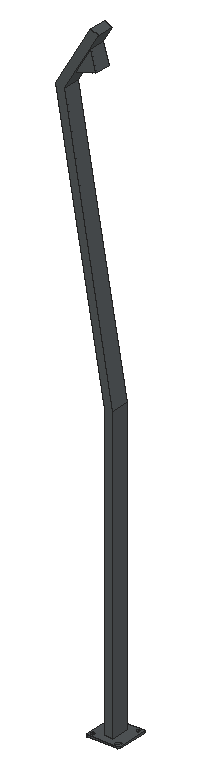
Revit family "Брейк", category Осветительные приборы, Revit 2019 (continued)
Types (3, lengths in mm): name | Файл фотометрической сетки | built-in parameter 1150105 | Lumens | built-in parameter 1150106 | built-in parameter 1150142 | Wattage | ADSK_Фактическая мощность | ADSK_Номинальная мощность | ADSK_Наименование | ADSK_Масса_Текст | ADSK_Масса | ADSK_Артикул | 60вт
    147.3 142.2 134.6 124.4 112.2 98.5 83.8 68.8 54.5 41.9 31.6 23.8 18.3 14.7 12.6 11.3 10.3 9.3\r\n 8.3 7.1 5.8 4.1\r\n325.0 294.5 270.0 255.8 250.1 249.8 248.8 245.9 241.0 236.3 232.4 229.3 225.9 221.6 217.4 214.0 212.2 210.5 208.4 205.2 201.8\r\n 198.1 194.5 190.9 188.2 185.9 183.8 180.9 177.7 175.3 174.4 174.6 174.0 171.4 166.5 161.0 156.3 153.3 151.4 150.2 149.1 147.6\r\n 145.3 141.9 138.0 134.1 130.8 128.1 126.1 124.8 124.3 124.4 124.2 122.8 120.4 117.8 116.3 115.9 115.9 115.4 114.3 112.7 110.5\r\n 107.5 103.6 99.5 95.9 93.5 91.5 89.0 85.2 79.7 72.7 64.9 56.7 48.5 40.4 32.9 26.3 20.8 16.7 13.9 12.1 11.0 10.2 9.4 8.5 7.6 6.6\r\n 5.7 5.6\r\n325.0 298.6 276.3 261.6 253.7 250.1 246.0 240.2 233.3 227.5 223.5 220.1 216.1 210.9 206.1 202.3 200.4 198.9 196.9 193.3 188.6\r\n 183.3 178.5 174.5 171.6 168.8 165.6 161.2 156.6 153.2 151.5 150.4 148.1 143.6 137.1 130.4 124.8 121.0 118.7 117.0 115.4 113.3\r\n 110.6 107.1 103.1 98.9 94.9 91.3 88.4 86.2 84.6 83.4 82.0 80.1 77.7 75.4 73.8 73.0 72.6 71.9 70.9 69.2 67.2 64.6 61.6 58.5 55.8\r\n 53.7 52.0 50.1 47.6 44.3 40.2 35.7 31.3 27.2 23.4 20.0 16.9 14.4 12.6 11.4 10.7 10.1 9.6 8.8 8.0 7.1 6.2 5.3 4.9\r\n325.0 301.5 281.0 266.5 256.9 250.5 243.1 234.2 225.3 218.6 214.8 211.7 207.9 202.2 196.5 191.7 189.4 188.0 186.5 182.8 177.4\r\n 170.7 164.7 159.8 156.2 152.5 147.9 142.1 136.5 132.2 129.8 127.6 124.2 118.5 111.6 104.4 98.7 94.8 92.4 90.8 89.4 87.6 85.4 82.7\r\n 79.3 75.5 71.4 67.5 64.2 61.7 59.5 57.5 55.3 53.1 50.8 48.8 47.2 46.2 45.4 44.6 43.5 42.0 40.2 38.3 36.3 34.3 32.5 31.0 29.6 28.4\r\n 26.9 25.3 23.2 21.0 18.8 16.9 15.2 13.8 12.6 11.6 10.9 10.4 10.1 9.7 9.2 8.5 7.7 6.8 6.0 4.9 2.4\r\n325.0 302.6 282.7 267.8 256.6 248.1 238.6 228.4 218.6 211.4 207.6 204.7 200.9 194.7 188.0 182.0 179.0 177.6 176.5 173.1 167.0\r\n 159.1 151.7 145.6 141.0 136.4 131.2 124.9 119.0 114.4 111.3 108.4 104.5 98.9 92.5 86.1 80.8 77.0 74.7 73.2 72.1 71.0 69.6 67.8\r\n 65.2 61.9 58.0 54.3 51.2 48.6 46.3 43.8 41.3 38.9 36.7 34.9 33.3 32.2 31.2 30.4 29.5 28.3 27.0 25.6 24.3 23.2 22.2 21.1 20.0 19.1\r\n 18.3 17.6 16.9 15.9 14.7 13.6 12.6 11.9 11.4 11.0 10.7 10.4 10.0 9.6 9.0 8.3 7.6 6.8 6.0 5.1 3.8\r\n325.0 301.4 280.3 263.9 250.8 240.8 231.0 221.7 212.8 206.0 201.9 198.8 195.2 189.0 181.6 174.3 169.8 167.7 166.3 162.7 156.3\r\n 147.8 139.5 132.5 126.9 121.9 116.8 111.3 106.0 101.7 98.3 95.0 91.1 86.3 81.1 76.0 71.5 67.9 65.4 63.8 62.8 62.1 61.1 59.8 57.7\r\n 54.9 51.4 48.0 45.1 42.7 40.4 37.8 35.2 32.8 30.8 29.0 27.6 26.4 25.4 24.6 23.9 23.2 22.3 21.4 20.6 20.0 19.5 18.8 18.1 17.5 17.2\r\n 17.1 16.9 16.5 15.6 14.6 13.6 12.8 12.3 11.9 11.5 10.9 10.3 9.6 9.0 8.3 7.6 6.9 6.3 5.8 5.7\r\n325.0 298.8 275.2 256.3 241.1 230.2 221.2 214.1 207.1 201.2 196.9 193.9 191.0 185.7 178.1 169.5 162.7 158.3 155.0 150.6 144.1\r\n 136.2 128.2 121.4 115.9 111.3 107.1 103.0 98.9 95.1 91.5 87.9 84.0 80.0 76.2 72.4 68.8 65.4 62.5 60.3 58.9 58.0 57.2 56.1 54.2\r\n 51.6 48.4 45.3 42.6 40.3 38.0 35.5 33.1 30.9 29.1 27.5 26.2 25.0 24.1 23.5 23.0 22.6 22.1 21.5 21.1 20.8 20.7 20.6 20.5 20.4 20.6\r\n 20.9 21.0 20.7 19.7 18.3 16.8 15.5 14.5 13.7 12.9 12.0 10.9 9.9 9.1 8.4 7.8 7.2 6.6 6.2 7.0\r\n325.0 295.1 268.2 246.8 229.9 218.3 210.1 204.9 199.8 195.0 191.1 189.0 187.6 184.0 177.0 167.1 157.2 149.2 143.0 137.1 130.8\r\n 124.2 118.1 113.0 108.7 105.2 102.3 99.4 96.4 93.0 89.3 85.5 81.7 78.3 75.4 72.6 69.5 66.1 62.9 60.2 58.2 56.9 56.0 54.9 53.2\r\n 50.7 47.6 44.6 41.9 39.5 37.3 35.1 33.1 31.3 29.8 28.4 27.3 26.4 25.6 25.0 24.7 24.6 24.4 24.1 23.9 24.1 24.6 25.3 26.1 26.8 27.4\r\n 27.9 27.9 27.3 25.7 23.5 21.2 19.2 17.5 16.1 14.8 13.3 11.8 10.3 9.2 8.4 7.9 7.4 6.9 6.2 5.6\r\n325.0 290.9 260.9 237.6 220.0 208.1 200.2 195.4 191.2 187.2 184.2 183.3 183.6 181.9 175.8 165.1 152.4 140.8 131.5 124.2 118.2\r\n 113.6 110.0 107.3 104.9 102.7 100.7 98.5 96.0 92.9 89.3 85.5 81.9 79.0 76.7 74.3 71.4 67.9 64.5 61.5 59.2 57.6 56.5 55.4 53.7\r\n 51.2 48.1 45.0 42.1 39.7 37.6 35.8 34.3 33.0 31.9 31.0 30.2 29.5 28.9 28.5 28.3 28.3 28.3 28.4 28.7 29.5 30.8 32.5 34.2 35.6 36.5\r\n 36.8 36.3 34.9 32.3 29.0 25.7 22.9 20.5 18.5 16.6 14.6 12.6 10.7 9.3 8.4 7.8 7.5 7.0 6.2 3.9\r\n325.0 287.6 255.2 230.5 212.8 200.7 192.5 186.9 182.5 178.9 176.8 176.7 178.0 177.3 172.2 161.4 147.3 133.3 121.9 113.8 108.4\r\n 105.4 104.2 103.5 102.8 101.6 100.2 98.2 95.7 92.7 89.2 85.8 82.7 80.4 78.6 76.4 73.5 69.8 66.3 63.3 61.1 59.5 58.1 56.8 54.9\r\n 52.4 49.3 46.0 42.8 40.4 38.4 37.1 36.2 35.5 34.9 34.4 33.9 33.4 32.9 32.6 32.5 32.7 33.1 33.8 34.9 36.5 38.7 41.3 43.6 45.2 46.0\r\n 45.7 44.4 41.8 38.0 33.5 29.3 25.6 22.8 20.4 18.1 15.6 13.2 11.0 9.3 8.3 7.7 7.4 7.1 6.7 5.1\r\n325.0 286.0 252.2 226.4 208.5 196.3 187.8 181.1 176.3 172.7 171.2 171.0 171.7 170.8 166.1 155.9 141.9 127.3 115.3 106.9 102.2\r\n 100.3 100.3 100.8 101.2 100.8 99.9 98.1 95.4 92.0 88.6 85.4 83.0 81.4 80.2 78.3 75.4 71.7 68.1 65.3 63.2 61.5 60.0 58.3 56.1 53.5\r\n 50.2 46.8 43.6 41.1 39.5 38.7 38.3 38.1 37.8 37.5 37.1 36.7 36.2 35.9 35.9 36.5 37.6 39.2 41.3 43.8 46.8 49.8 52.2 53.6 53.8 52.9\r\n 50.7 47.0 42.1 36.5 31.5 27.3 24.1 21.5 18.8 16.1 13.5 11.2 9.4 8.3 7.6 7.2 6.9 6.9 10.1\r\n325.0 286.4 252.3 225.6 207.1 194.3 185.1 177.7 172.9 169.9 168.7 167.4 166.3 163.8 158.9 149.4 136.4 122.4 110.8 102.7 98.5 97.0\r\n 97.4 98.2 99.1 99.5 99.4 97.9 95.2 91.3 87.5 84.4 82.6 81.7 81.0 79.5 76.7 73.1 69.5 66.7 64.6 62.9 61.1 59.0 56.6 53.7 50.4 47.0\r\n 43.7 41.4 40.2 40.0 40.1 40.1 39.9 39.4 38.8 38.2 37.7 37.4 37.7 38.8 40.7 43.4 46.5 50.0 53.5 56.6 58.7 59.5 59.2 57.7 54.8 50.3\r\n 44.5 38.2 32.5 28.0 24.5 21.5 18.7 16.0 13.4 11.2 9.6 8.5 7.7 7.0 6.5 6.4 6.4\r\n325.0 287.9 254.4 227.3 207.7 193.6 183.4 175.7 171.6 169.6 168.5 166.1 162.9 158.6 152.8 143.6 131.6 118.6 107.8 100.2 96.2 94.6\r\n 94.9 95.6 96.7 97.7 98.3 97.4 94.8 90.5 86.5 83.4 82.0 81.4 80.9 79.6 77.0 73.4 69.8 66.9 64.8 63.1 61.2 58.9 56.2 53.1 49.7 46.3\r\n 43.3 41.4 40.7 40.9 41.2 41.1 40.6 39.8 38.8 38.0 37.4 37.3 37.9 39.6 42.3 45.8 49.7 53.9 57.8 60.9 62.7 63.1 62.4 60.7 57.4 52.4\r\n 46.0 39.1 32.9 28.0 24.1 20.9 18.0 15.3 13.0 11.2 9.8 8.7 7.8 6.9 6.1 5.1 3.4\r\n325.0 289.9 257.8 231.1 210.4 194.5 182.5 174.5 171.0 170.0 168.9 165.7 161.1 155.6 148.9 139.4 127.9 115.9 105.9 98.8 94.8 93.2\r\n 93.1 93.6 94.5 95.5 96.4 95.9 93.5 89.4 85.5 82.8 81.7 81.1 80.5 79.0 76.4 72.9 69.2 66.1 63.9 62.1 60.2 57.8 55.0 51.8 48.4 45.1\r\n 42.5 41.1 40.8 41.3 41.5 41.2 40.3 39.1 37.8 36.8 36.2 36.3 37.4 39.5 42.6 46.5 50.9 55.4 59.6 62.9 64.8 65.2 64.4 62.5 58.9 53.5\r\n 46.7 39.5 33.0 27.7 23.5 20.0 17.0 14.5 12.5 11.1 9.9 9.0 7.9 6.8 5.7 4.6 2.3\r\n325.0 291.3 261.2 236.1 215.4 197.8 183.6 174.5 170.9 169.9 168.6 165.4 160.8 155.3 148.2 138.6 127.2 115.6 105.9 98.9 94.8 93.1\r\n 92.8 93.0 93.3 93.8 94.2 93.6 91.5 88.0 84.8 82.7 81.8 81.1 80.1 78.3 75.6 72.0 68.3 65.0 62.6 60.7 58.8 56.4 53.5 50.4 47.1 44.2\r\n 42.0 41.0 41.0 41.4 41.5 41.0 39.8 38.5 37.1 36.1 35.7 36.0 37.2 39.3 42.4 46.2 50.5 55.1 59.5 63.1 65.2 65.9 65.2 63.1 59.4 53.8\r\n 46.8 39.5 33.0 27.4 23.0 19.4 16.4 14.1 12.3 11.1 10.1 9.2 8.1 6.9 5.7 4.5 4.3\r\n" | 22.2159 W | 29 W | 30 W | "ДТУ159с1 Светодиодный светильник Брейк ДТУ-159-AF-30Вт-4.5" | "41" | 41 | "ДТУ159с1" | no
